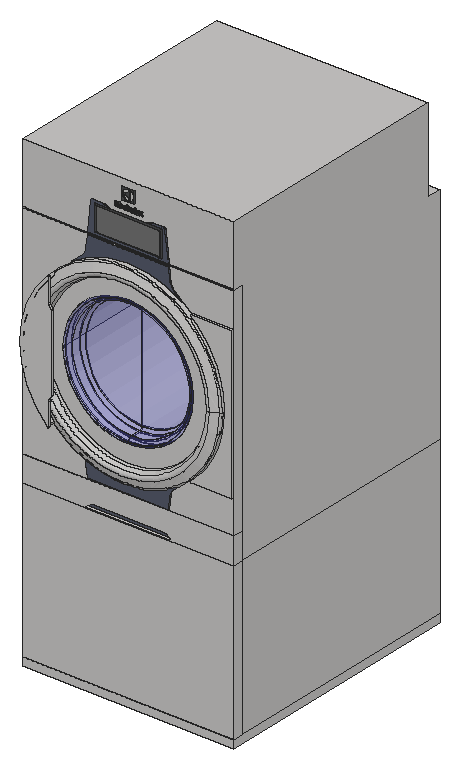
Revit family "TD6-14 Electric", category Attrezzature speciali, Revit 2014
Parameters
  Show Logo [instance] = yes
  Show Clearance [instance] = yes
  Manufacturer = ""
  Model = ""
  Description = ""
Reference planes
  plane 1: z = 0
  plane 2 "BACK": y = 414.5
  plane 3 "FRONT": y = -549.5
  plane 4 "LEFT": x = -799
  plane 5 "RIGHT": x = -6
  plane 6 "TOP": z = 1771
  plane 7: y = -601.5
  plane 8: y = -1323.5
Forms (mm)
  Extrusion 1, solid, material "QF_Finishes_Stainless Steel"
    sketch origin (718.1, -398.1, 598.796) x (0, 0, -1) y (0, 1, 0)
      loop
        line (-14.704, 812.6) -> (-855.66, 812.6) -> (-855.66, 756.6) -> (-941.204, 756.6) -> (-941.204, -115.453) -> (-14.704, -115.453) -> (-14.704, 812.6)
    from -1517.1 to -724.1
  Extrusion 2, solid, material "QF_Finishes_Stainless Steel"
    sketch origin (718.1, -368.1, 598.796) x (0, 0, -1) y (0, 1, 0)
      loop
        line (568.796, -145.453) -> (568.796, 782.6) -> (-14.704, 782.6) -> (-14.704, -145.453) -> (568.796, -145.453)
    from -1517.1 to -724.1
  Sweep 3, solid, material "QF_Finishes_Black"
    path origin (686.327, -549.5, 1684.42) x (0, 0, -1) y (1, 0, 0)
      loop
        line (131.445, -962.809) -> (32.707, -962.809) -> (32.707, -1214.809) -> (131.445, -1214.809) -> (131.445, -962.809)
    profile origin (-276.482, -549.5, 1602.344) x (-1, 0, 0) y (0, -1, 0)
      loop
        line (5, 0) -> (5, 5)
        arc (5, 5) -> (1.464, 3.536) -> (0, 0) r 5
        line (0, 0) -> (5, 0)
  Extrusion 4, solid, material "QF_Finishes_Dark Grey"
    sketch origin (686.327, -549.5, 1684.42) x (0, 0, -1) y (1, 0, 0)
      loop
        line (126.445, -1209.809) -> (126.445, -967.809) -> (37.707, -967.809) -> (37.707, -1209.809) -> (126.445, -1209.809)
    from 0 to 4
  Extrusion 5, void
    sketch origin (889, -517.06, 1195.994) x (0, 0, -1) y (1, 0, 0)
      loop
        circle (69.994, -1291.5) r 245
    from -451.9 to 33.109
  Extrusion 6, solid, material "QF_Finishes_Stainless Steel"
    sketch origin (718.1, 358.5, 1540) x (0, 0, -1) y (-1, 0, 0)
      loop
        circle (43, 834.1) r 12.7
    from 0 to 5
  Extrusion 7, solid, material "QF_Finishes_Stainless Steel"
    sketch origin (653.455, 414.5, 172.018) x (0, 0, 1) y (1, 0, 0)
      loop
        circle (67.982, -1277.455) r 100
    from 0 to 5
  Extrusion 8, solid, material "QF_Finishes_Stainless Steel"
    sketch origin (-499, 0, 0) x (0, 1, 0) y (0, 0, 1)
      loop
        line (358.5, 1540) -> (358.5, 1771) -> (-549.5, 1771) -> (-549.5, 1541.816)
        arc (-549.5, 1541.816) -> (-548.968, 1540.532) -> (-547.684, 1540) r 1.816
        line (-547.684, 1540) -> (358.5, 1540)
    from -300 to 493
  Extrusion 9, solid, material "QF_Finishes_Stainless Steel"
    sketch origin (0, 0, 1114.3) x (-1, 0, 0) y (0, -1, 0)
      loop
        line (799, -414.5) -> (799, 549.5) -> (6, 549.5) -> (6, -414.5) -> (799, -414.5)
    from -1114.3 to -1084.3
  Extrusion 10, solid, material "QF_Finishes_Stainless Steel"
    sketch origin (-499, -118.96, 0) x (0, 1, 0) y (0, 0, 1)
      loop
        line (-394.593, 1540) -> (-430.54, 1540) -> (-430.54, 713.5) -> (-394.593, 713.5) -> (-394.593, 1540)
    from -300 to 493
  Extrusion 11, solid, material "QF_Finishes_Stainless Steel"
    sketch origin (-499, -118.96, 0) x (0, 1, 0) y (0, 0, 1)
      loop
        line (-430.54, 713.5) -> (-430.54, 613.5) -> (-394.593, 613.5) -> (-394.593, 713.5) -> (-430.54, 713.5)
    from -300 to 493
  Extrusion 12, solid, material "QF_Finishes_Stainless Steel"
    sketch origin (-499, -118.96, 0) x (0, 1, 0) y (0, 0, 1)
      loop
        line (-394.593, 613.5) -> (-430.54, 613.5) -> (-430.54, 30) -> (-394.593, 30) -> (-394.593, 613.5)
    from -300 to 493
  Sweep 13, solid, material "QF_Finishes_Stainless Steel"
    path origin (-409, -549.5, 1444.576) x (0, 0, -1) y (1, 0, 0)
      loop
        circle (318.576, 6.5) r 366.295
    profile origin (-402.5, -549.5, 1492.295) x (0, 0, -1) y (0, -1, 0)
      loop
        line (0, 0) -> (60.401, 0)
        arc (60.401, 0) -> (59.825, 6.814) -> (57.535, 13.257) r 26.651
        line (57.535, 13.257) -> (49.537, 28.994)
        arc (49.537, 28.994) -> (42.511, 35.32) -> (33.058, 35.302) r 13.156
        line (33.058, 35.302) -> (4.309, 24.168)
        arc (4.309, 24.168) -> (1.18, 21.691) -> (0, 17.88) r 6.744
        line (0, 17.88) -> (0, 0)
  Extrusion 14, solid, material "QF_Finishes_Stainless Steel"
    sketch origin (889, -689.525, 1195.994) x (0, 0, -1) y (1, 0, 0)
      loop
        line (353.669, -897.598) -> (-212.997, -897.549) -> (-213.01, -1046.361)
        arc (-213.01, -1046.361) -> (-212.131, -1048.481) -> (-210.011, -1049.36) r 2.999
        line (-210.011, -1049.36) -> (-204.852, -1049.36)
        arc (-204.852, -1049.36) -> (-80.8, -957.683) -> (69.994, -925.205) r 366.295
        arc (69.994, -925.205) -> (220.927, -957.746) -> (345.042, -1049.589) r 366.295
        line (345.042, -1049.589) -> (350.683, -1049.589)
        arc (350.683, -1049.589) -> (352.804, -1048.711) -> (353.682, -1046.59) r 2.999
        line (353.682, -1046.59) -> (353.669, -897.598)
    from -140.025 to -130.025
  Revolve 15, solid, material "QF_Door-Drawer Clearances", visible <- "Show Clearance", detail levels coarse
    sketch origin (889, -601.5, 1195.994) x (0, 0, -1) y (1, 0, 0)
      loop
        circle (69.994, -1291.5) r 366.295
      axis (69.994, -924.023) -> (68.994, -924.023)
    angle from 0 to -90
  Revolve 16, solid, material "QF_Finishes_Glass"
    sketch origin (-402.863, -289.313, 555.02) x (0, 1, 0) y (0, 0, 1)
      loop
        arc (-190.673, 783.338) -> (-195.066, 793.945) -> (-205.673, 798.338) r 15
        line (-205.673, 798.338) -> (-244.95, 798.338)
        arc (-244.95, 798.338) -> (-252.021, 801.267) -> (-254.95, 808.338) r 10
        line (-254.95, 808.338) -> (-254.95, 816.338) -> (-259.95, 816.338) -> (-259.95, 808.338)
        arc (-259.95, 808.338) -> (-255.556, 797.732) -> (-244.95, 793.338) r 15
        line (-244.95, 793.338) -> (-205.673, 793.338)
        arc (-205.673, 793.338) -> (-198.602, 790.409) -> (-195.673, 783.338) r 10
        line (-195.673, 783.338) -> (-195.673, 570.975) -> (-190.673, 570.975) -> (-190.673, 783.338)
      axis (-259.95, 570.975) -> (-190.673, 570.975)
    angle from 0 to 360
  Extrusion 17, solid, material "QF_Finishes_Stainless Steel"
    sketch origin (-529, -549.5, 1444.576) x (0, 0, -1) y (1, 0, 0)
      loop
        arc (176.622, -119.08) -> (174.216, -119.45) -> (172.033, -120.527) r 8
        line (172.033, -120.527) -> (158.099, -130.284)
        arc (158.099, -130.284) -> (155.934, -131.338) -> (153.554, -131.7) r 8
        line (153.554, -131.7) -> (65.736, -131.7)
        arc (65.736, -131.7) -> (63.285, -133.352) -> (63.896, -136.244) r 2.645
        arc (63.896, -136.244) -> (318.617, -239.419) -> (573.315, -136.187) r 365.919
        arc (573.315, -136.187) -> (573.918, -133.331) -> (571.497, -131.7) r 2.612
        line (571.497, -131.7) -> (483.599, -131.7)
        arc (483.599, -131.7) -> (481.193, -131.33) -> (479.01, -130.253) r 8
        line (479.01, -130.253) -> (465.119, -120.527)
        arc (465.119, -120.527) -> (462.936, -119.45) -> (460.53, -119.08) r 8
        line (460.53, -119.08) -> (176.622, -119.08)
    from 47.713 to 52
  Extrusion 18, solid, material "QF_Finishes_Stainless Steel"
    sketch origin (-529, -601.5, 1444.576) x (0, 0, -1) y (1, 0, 0)
      loop
        arc (63.896, -136.244) -> (318.617, -239.419) -> (573.315, -136.187) r 365.919
        line (573.315, -136.187) -> (563.547, -131.7)
        arc (563.547, -131.7) -> (318.584, -229.419) -> (73.616, -131.711) r 355.919
        line (73.616, -131.711) -> (63.896, -136.244)
    from -4.287 to -34.753
  Extrusion 19, void
    sketch origin (-401.334, -549.5, 611.842) x (0, 0, 1) y (1, 0, 0)
      loop
        arc (1.908, -169.725) -> (2.027, -168.962) -> (2.374, -168.272) r 2.499
        line (2.374, -168.272) -> (21.699, -140.672)
        arc (21.699, -140.672) -> (23.335, -137.382) -> (23.898, -133.751) r 11.994
        line (23.898, -133.751) -> (23.897, 130.467)
        arc (23.897, 130.467) -> (23.336, 134.095) -> (21.703, 137.383) r 11.994
        line (21.703, 137.383) -> (2.374, 164.988)
        arc (2.374, 164.988) -> (2.027, 165.678) -> (1.908, 166.441) r 2.499
        line (1.908, 166.441) -> (1.908, -169.725)
    from 0 to 13.427
  Extrusion 20, solid, material "QF_Finishes_Blue"
    sketch origin (-499, -549.5, 893.425) x (0, 0, 1) y (-1, 0, 0)
      loop
        arc (767.274, 37.584) -> (765.819, 41.099) -> (762.304, 42.555) r 4.971
        line (762.304, 42.555) -> (650.575, 54.795) -> (650.575, -247.832) -> (761.659, -235.663)
        arc (761.659, -235.663) -> (765.63, -234.018) -> (767.274, -230.047) r 5.615
        line (767.274, -230.047) -> (767.274, -186.505)
        arc (767.274, -186.505) -> (766.484, -180.953) -> (764.209, -175.828) r 20.351
        line (764.209, -175.828) -> (758.288, -166.304) -> (758.288, -222.518) -> (659.55, -222.518) -> (659.55, 29.482) -> (758.288, 29.482) -> (758.288, -26.732) -> (764.209, -17.208)
        arc (764.209, -17.208) -> (766.483, -12.086) -> (767.274, -6.538) r 20.35
        line (767.274, -6.538) -> (767.274, 37.584)
    from 0 to 1.6
  Extrusion 21, solid, material "QF_Finishes_Blue"
    sketch origin (-499, -549.5, 893.425) x (0, 0, 1) y (-1, 0, 0)
      loop
        arc (594.486, 60.933) -> (579.244, 65.533) -> (566.695, 75.331) r 43.3
        line (566.695, 75.331) -> (532.276, 114.098)
        arc (532.276, 114.098) -> (598.87, -96.026) -> (532.82, -306.322) r 366.295
        line (532.82, -306.322) -> (566.695, -268.167)
        arc (566.695, -268.167) -> (579.244, -258.37) -> (594.486, -253.77) r 43.3
        line (594.486, -253.77) -> (642.075, -248.6) -> (642.075, 55.764) -> (594.486, 60.933)
    from 0 to 1.6
  Extrusion 22, solid, material "QF_Finishes_Blue"
    sketch origin (-499, -549.5, 893.425) x (0, 0, 1) y (-1, 0, 0)
      loop
        line (-129.403, 60.926) -> (-176.925, 55.764) -> (-176.925, -248.6) -> (-129.403, -253.763)
        arc (-129.403, -253.763) -> (-114.123, -258.355) -> (-101.544, -268.169) r 43.3
        line (-101.544, -268.169) -> (-67.671, -306.321)
        arc (-67.671, -306.321) -> (-133.72, -96.026) -> (-67.127, 114.098) r 366.295
        line (-67.127, 114.098) -> (-101.544, 75.332)
        arc (-101.544, 75.332) -> (-114.123, 65.518) -> (-129.403, 60.926) r 43.3
    from 0 to 1.6
Cuts and joins
  Extrusion 5 cuts Extrusion 1
  Extrusion 5 cuts Extrusion 8
  joined: Extrusion 1, Extrusion 8
  Extrusion 5 cuts Extrusion 10
  Extrusion 19 cuts Extrusion 11
  joined: Sweep 13, Extrusion 14, Extrusion 17, Extrusion 18
Lines and regions (mm)
  Split face 1
    outline origin (-6, -549.5, 1540) x (-1, 0, 0) y (0, 0, -1)
      loop
        circle (396.5, 414) r 305.895
  symbolic lines
    curve 1: line (-6, 414.5, 1771) -> (-799, 414.5, 1771)
    curve 2: line (-799, -549.5, 1771) -> (-6, -549.5, 1771)
    curve 3: line (-6, 414.5, 0) -> (-6, -549.5, 0)
    curve 4: line (-799, 414.5, 0) -> (-799, -549.5, 0)
    curve 6: line (-6, 358.5, 0) -> (-799, 358.5, 0)
  symbolic lines, style "QF_Door-Drawer Clearances", visible <- "Show Clearance"
    curve 5: line (-6, -1323.5, 0) -> (-6, -549.5, 0)
    curve 7: arc (-768.795, -549.5, 0) -> (-549.88, -1096.63, 0) -> (-6, -1323.5, 0) r 761.144
  symbolic lines, style "SpecialityEquipment"
    curve 8: line (-8.549, -559.5, 0) -> (-8.549, -549.5, 0)
    curve 9: line (-160.36, -559.5, 0) -> (-8.549, -559.5, 0)
    curve 10: line (-160.36, -549.5, 0) -> (-160.36, -559.5, 0)
    curve 11: line (-768.419, -601.5, 0) -> (-659.284, -601.5, 0)
    curve 12: line (-659.284, -597.213, 0) -> (-758.419, -597.213, 0)
    curve 13: line (-758.419, -569.602, 0) -> (-758.419, -597.213, 0)
    curve 14: line (-659.284, -597.213, 0) -> (-659.284, -601.5, 0)
    curve 15: line (-768.419, -569.602, 0) -> (-758.419, -569.602, 0)
    curve 16: line (-74.013, -585.689, 0) -> (-758.419, -585.689, 0)
    curve 17: line (-768.419, -569.602, 0) -> (-768.419, -601.5, 0)
    curve 18: line (-40.513, -573.668, 0) -> (-758.419, -573.668, 0)
    curve 19: line (-768.795, -549.5, 0) -> (-768.795, -567.38, 0)
    curve 20: arc (-768.795, -567.38, 0) -> (-768.701, -568.507, 0) -> (-768.419, -569.602, 0) r 6.744
    curve 21: line (-36.205, -559.5, 0) -> (-36.205, -567.38, 0)
    curve 22: line (-40.513, -573.668, 0) -> (-69.262, -584.802, 0)
    curve 23: arc (-36.205, -567.38, 0) -> (-37.385, -571.191, 0) -> (-40.513, -573.668, 0) r 6.744
    curve 24: arc (-74.013, -585.689, 0) -> (-71.597, -585.465, 0) -> (-69.262, -584.802, 0) r 13.156
Dimensions and locks
  plane 4 "LEFT" to plane 5 "RIGHT" = 793 mm
  plane 2 "BACK" to plane 3 "FRONT" = 964 mm
  plane 6 "TOP" to level = 1771 mm
  Extrusion 2 to Extrusion 2 = 583.5 mm
  Extrusion 6 sketch curve to plane 6 "TOP" = 274 mm
  plane 5 "RIGHT" to Extrusion 6 sketch curve = 110 mm
  level to Extrusion 7 sketch curve = 240 mm
  Extrusion 7 sketch curve to plane 4 "LEFT" = 175 mm
  plane 2 "BACK" to plane 7 = 1016 mm
  plane 2 "BACK" to plane 8 = 1738 mm
  aligned and locked: level to plane 1
  aligned and locked: Extrusion 1 to plane 4 "LEFT"
  aligned and locked: plane 5 "RIGHT" to Extrusion 1
  aligned and locked: Extrusion 2 to plane 4 "LEFT"
  aligned and locked: plane 5 "RIGHT" to Extrusion 2
  aligned and locked: plane 5 "RIGHT" to Extrusion 8
  aligned and locked: Extrusion 8 to plane 4 "LEFT"
  aligned and locked: plane 5 "RIGHT" to Extrusion 12
  aligned and locked: Extrusion 12 to plane 4 "LEFT"
  aligned and locked: Extrusion 11 to plane 4 "LEFT"
  aligned and locked: plane 5 "RIGHT" to Extrusion 11
  aligned and locked: Extrusion 10 to plane 4 "LEFT"
  aligned and locked: plane 5 "RIGHT" to Extrusion 10
  aligned and locked: Extrusion 18 to Extrusion 17
  aligned and locked: plane 2 "BACK" to Extrusion 2
Nested families
  nested 1: "ELX_Logo_S_New" at (-415.511, -549.5, 1674.59) x (1, 0, 0) z (0, -1, 0), visible <- "Show Logo", type "ELX_Logo_S_New"
    with Material QF_Finishes_Black
  nested 2: "ELX_Logo_Symbol_S" at (-394.886, -549.5, 1729.274) x (-1, 0, 0) z (0, -1, 0), visible <- "Show Logo", type "ELX_Logo_Symbol_S"
    with Material QF_Finishes_Black
Connectors
  piping at (-624, 419.5, 240), diameter 200
    settings: on Extrusion 7, index 3, connector inside diameter 609.6 mm, connector length 0 mm, flow factor 0, pipe flow 0.0 L/s, pressure drop 0.0 Pa, fitting loss kfactor 0, connector angle 0.00°, fixture units 0, engagement length 0 mm, angle of deflection 0.00°, flow configuration 1, flow direction 2, fitting loss method 0, system type 7, joint type 0, gender type 0, connector reference index -1, connector utility 0, adjustable connector no, is connector primary yes, connector description "Exhaust Connection"
  electrical at (-116, 363.5, 1497)
    settings: on Extrusion 6, index 4, voltage 0 V, apparent load 0 VA, apparent load phase1 0 VA, apparent load phase2 0 VA, apparent load phase3 0 VA, power factor 1, load classification "Other", number of poles 1, system type 30, power factor state 1, is connector primary yes, connector utility no, sub classification motor no, connector description "Electrical Connection"
Definition of nested family "ELX_Logo_S_New"
  Parameters (values of type "ELX_Logo_S_New")
    Material [instance] = QF_Finishes_Gray
    Default Elevation = 0 mm
  Reference planes
    plane 1 "Centro (Fronte/Retro)": y = 0
    plane 2: z = 0
    plane 3 "Centro (Sinistra/Destra)": x = 0
  Forms (mm)
    Extrusion 1, solid
      sketch origin (0, 0, 0) x (1, 0, 0) y (0, 1, 0)
        loop
          line (-1219.2, 1219.2) -> (-1219.2, -1219.2) -> (1219.2, -1219.2) -> (1219.2, 1219.2) -> (-1219.2, 1219.2)
      from 0 to -304.8
    Extrusion 2, solid, material "QF_Finishes_Gray" <- "Material"
      sketch origin (0, 0, 0) x (1, 0, 0) y (0, 1, 0)
        loop
          spline (-31.006, -2.781) -> (-31.24, -2.771) -> (-31.49, -2.739) -> (-31.748, -2.68) -> (-32.009, -2.591) -> (-32.264, -2.469) -> (-32.508, -2.308) -> (-32.732, -2.105) -> (-32.932, -1.857) -> (-33.099, -1.559) -> (-33.226, -1.207) -> (-33.308, -0.798) -> (-33.337, -0.327)
          line (-33.337, -0.327) -> (-33.337, 1.761) -> (-26.444, 1.761) -> (-26.444, 4.423) -> (-33.338, 4.423) -> (-33.338, 8.299) -> (-26.005, 8.299) -> (-26.005, 10.954) -> (-36.159, 10.954) -> (-36.159, -0.206)
          spline (-36.159, -0.206) -> (-36.134, -0.893) -> (-36.057, -1.54) -> (-35.927, -2.145) -> (-35.743, -2.707) -> (-35.503, -3.222) -> (-35.206, -3.689) -> (-34.85, -4.106) -> (-34.433, -4.47) -> (-33.955, -4.779) -> (-33.414, -5.031) -> (-32.809, -5.223) -> (-32.137, -5.354)
          line (-32.137, -5.354) -> (-31.029, -5.433) -> (-25.809, -5.433) -> (-25.809, -2.781) -> (-31.006, -2.781)
        loop
          line (-23.804, 3.211) -> (-23.804, -5.437) -> (-20.982, -5.437) -> (-20.982, 10.958) -> (-23.804, 10.958) -> (-23.804, 3.211)
        loop
          spline (-7.052, -0.2) -> (-7.034, 0.688) -> (-7.119, 1.546) -> (-7.304, 2.368) -> (-7.586, 3.144) -> (-7.962, 3.868) -> (-8.426, 4.531) -> (-8.977, 5.126) -> (-9.61, 5.644) -> (-10.321, 6.077) -> (-11.107, 6.419) -> (-11.964, 6.66) -> (-12.889, 6.793)
          spline (-12.889, 6.793) -> (-13.767, 6.742) -> (-14.602, 6.592) -> (-15.387, 6.346) -> (-16.116, 6.008) -> (-16.782, 5.583) -> (-17.379, 5.073) -> (-17.902, 4.483) -> (-18.343, 3.816) -> (-18.697, 3.077) -> (-18.958, 2.269) -> (-19.119, 1.395) -> (-19.174, 0.46)
          spline (-19.174, 0.46) -> (-19.121, -0.452) -> (-18.964, -1.304) -> (-18.71, -2.094) -> (-18.362, -2.816) -> (-17.926, -3.468) -> (-17.406, -4.045) -> (-16.808, -4.544) -> (-16.137, -4.96) -> (-15.397, -5.291) -> (-14.594, -5.532) -> (-13.733, -5.679) -> (-12.817, -5.729)
          spline (-12.817, -5.729) -> (-12.371, -5.719) -> (-11.93, -5.685) -> (-11.493, -5.626) -> (-11.062, -5.54) -> (-10.636, -5.425) -> (-10.216, -5.277) -> (-9.8, -5.096) -> (-9.391, -4.879) -> (-8.987, -4.623) -> (-8.588, -4.326) -> (-8.196, -3.987) -> (-7.809, -3.603)
          line (-7.809, -3.603) -> (-9.51, -1.949)
          spline (-9.51, -1.949) -> (-9.734, -2.164) -> (-9.959, -2.362) -> (-10.188, -2.542) -> (-10.422, -2.703) -> (-10.662, -2.846) -> (-10.913, -2.971) -> (-11.174, -3.077) -> (-11.449, -3.163) -> (-11.739, -3.231) -> (-12.047, -3.28) -> (-12.374, -3.309) -> (-12.723, -3.319)
          spline (-12.723, -3.319) -> (-13.234, -3.294) -> (-13.713, -3.219) -> (-14.158, -3.098) -> (-14.568, -2.931) -> (-14.94, -2.72) -> (-15.272, -2.469) -> (-15.562, -2.177) -> (-15.809, -1.849) -> (-16.009, -1.485) -> (-16.162, -1.088) -> (-16.264, -0.659) -> (-16.314, -0.2)
          line (-16.314, -0.2) -> (-7.052, -0.2)
        loop
          spline (-9.888, 1.784) -> (-9.915, 2.133) -> (-9.995, 2.469) -> (-10.124, 2.788) -> (-10.298, 3.088) -> (-10.514, 3.365) -> (-10.768, 3.615) -> (-11.056, 3.836) -> (-11.376, 4.024) -> (-11.722, 4.176) -> (-12.092, 4.289) -> (-12.482, 4.359) -> (-12.889, 4.383)
          spline (-12.889, 4.383) -> (-13.325, 4.36) -> (-13.744, 4.291) -> (-14.144, 4.18) -> (-14.52, 4.03) -> (-14.868, 3.844) -> (-15.186, 3.624) -> (-15.469, 3.375) -> (-15.715, 3.099) -> (-15.919, 2.798) -> (-16.077, 2.477) -> (-16.186, 2.138) -> (-16.243, 1.784)
          line (-16.243, 1.784) -> (-9.888, 1.784)
        loop
          spline (-2.737, 0.532) -> (-2.704, 1.057) -> (-2.61, 1.555) -> (-2.457, 2.022) -> (-2.249, 2.455) -> (-1.991, 2.851) -> (-1.685, 3.205) -> (-1.336, 3.514) -> (-0.948, 3.775) -> (-0.524, 3.984) -> (-0.067, 4.138) -> (0.417, 4.233) -> (0.926, 4.265)
          spline (0.926, 4.265) -> (1.238, 4.255) -> (1.537, 4.226) -> (1.824, 4.178) -> (2.098, 4.112) -> (2.362, 4.027) -> (2.615, 3.925) -> (2.858, 3.806) -> (3.093, 3.67) -> (3.318, 3.518) -> (3.536, 3.349) -> (3.746, 3.165) -> (3.95, 2.966)
          line (3.95, 2.966) -> (5.699, 4.785)
          spline (5.699, 4.785) -> (5.351, 5.133) -> (4.992, 5.446) -> (4.624, 5.724) -> (4.246, 5.969) -> (3.859, 6.181) -> (3.463, 6.362) -> (3.059, 6.512) -> (2.646, 6.633) -> (2.226, 6.725) -> (1.8, 6.79) -> (1.366, 6.828) -> (0.926, 6.841)
          spline (0.926, 6.841) -> (0.044, 6.786) -> (-0.801, 6.626) -> (-1.601, 6.367) -> (-2.349, 6.014) -> (-3.037, 5.573) -> (-3.658, 5.051) -> (-4.204, 4.453) -> (-4.668, 3.785) -> (-5.041, 3.053) -> (-5.318, 2.263) -> (-5.489, 1.421) -> (-5.548, 0.532)
          spline (-5.548, 0.532) -> (-5.489, -0.357) -> (-5.318, -1.199) -> (-5.041, -1.989) -> (-4.668, -2.721) -> (-4.204, -3.389) -> (-3.658, -3.987) -> (-3.037, -4.509) -> (-2.349, -4.95) -> (-1.601, -5.303) -> (-0.801, -5.562) -> (0.044, -5.722) -> (0.926, -5.777)
          spline (0.926, -5.777) -> (1.366, -5.764) -> (1.8, -5.726) -> (2.226, -5.662) -> (2.646, -5.569) -> (3.059, -5.449) -> (3.463, -5.298) -> (3.859, -5.117) -> (4.246, -4.905) -> (4.624, -4.66) -> (4.992, -4.382) -> (5.351, -4.069) -> (5.699, -3.721)
          line (5.699, -3.721) -> (3.95, -1.902)
          spline (3.95, -1.902) -> (3.746, -2.101) -> (3.536, -2.285) -> (3.318, -2.453) -> (3.093, -2.606) -> (2.858, -2.742) -> (2.615, -2.861) -> (2.362, -2.964) -> (2.098, -3.048) -> (1.824, -3.114) -> (1.537, -3.162) -> (1.238, -3.191) -> (0.926, -3.201)
          spline (0.926, -3.201) -> (0.417, -3.169) -> (-0.067, -3.074) -> (-0.524, -2.92) -> (-0.948, -2.711) -> (-1.336, -2.45) -> (-1.685, -2.141) -> (-1.991, -1.787) -> (-2.249, -1.391) -> (-2.457, -0.958) -> (-2.61, -0.491) -> (-2.704, 0.007) -> (-2.737, 0.532)
        loop
          spline (12.895, -2.785) -> (12.646, -2.789) -> (12.379, -2.77) -> (12.102, -2.724) -> (11.82, -2.646) -> (11.542, -2.531) -> (11.274, -2.376) -> (11.024, -2.175) -> (10.797, -1.924) -> (10.602, -1.618) -> (10.445, -1.253) -> (10.334, -0.824) -> (10.275, -0.327)
          line (10.275, -0.327) -> (10.275, 3.855) -> (12.842, 3.855) -> (12.842, 6.419) -> (10.278, 6.419) -> (10.278, 10.958) -> (7.456, 10.958) -> (7.456, -0.488)
          spline (7.456, -0.488) -> (7.516, -1.152) -> (7.626, -1.776) -> (7.785, -2.359) -> (7.996, -2.899) -> (8.26, -3.392) -> (8.577, -3.837) -> (8.951, -4.232) -> (9.38, -4.575) -> (9.868, -4.864) -> (10.415, -5.096) -> (11.023, -5.27) -> (11.693, -5.383)
          line (11.693, -5.383) -> (12.885, -5.437) -> (12.895, -2.785)
        loop
          spline (22.391, 6.583) -> (21.903, 6.613) -> (21.433, 6.605) -> (20.982, 6.558) -> (20.553, 6.476) -> (20.145, 6.358) -> (19.76, 6.207) -> (19.401, 6.022) -> (19.067, 5.807) -> (18.76, 5.561) -> (18.482, 5.286) -> (18.234, 4.984) -> (18.016, 4.655)
          line (18.016, 4.655) -> (18.016, 6.418) -> (15.217, 6.418) -> (15.217, -5.437) -> (18.016, -5.437) -> (18.016, 0.797)
          spline (18.016, 0.797) -> (18.042, 1.269) -> (18.118, 1.71) -> (18.242, 2.117) -> (18.412, 2.488) -> (18.627, 2.822) -> (18.884, 3.117) -> (19.182, 3.371) -> (19.518, 3.583) -> (19.892, 3.751) -> (20.3, 3.873) -> (20.742, 3.947) -> (21.215, 3.972)
          line (21.215, 3.972) -> (22.391, 3.855) -> (22.391, 6.583)
        loop
          spline (35.761, 0.49) -> (35.702, 1.36) -> (35.53, 2.189) -> (35.253, 2.971) -> (34.878, 3.698) -> (34.414, 4.364) -> (33.867, 4.963) -> (33.246, 5.488) -> (32.558, 5.932) -> (31.811, 6.289) -> (31.013, 6.552) -> (30.171, 6.715) -> (29.293, 6.771)
          spline (29.293, 6.771) -> (28.409, 6.715) -> (27.564, 6.552) -> (26.763, 6.289) -> (26.016, 5.932) -> (25.328, 5.488) -> (24.708, 4.963) -> (24.163, 4.364) -> (23.701, 3.698) -> (23.328, 2.971) -> (23.053, 2.189) -> (22.882, 1.36) -> (22.823, 0.49)
          spline (22.823, 0.49) -> (22.882, -0.379) -> (23.053, -1.208) -> (23.328, -1.989) -> (23.701, -2.716) -> (24.163, -3.382) -> (24.708, -3.981) -> (25.328, -4.506) -> (26.016, -4.951) -> (26.763, -5.308) -> (27.564, -5.571) -> (28.409, -5.734) -> (29.293, -5.79)
          spline (29.293, -5.79) -> (30.171, -5.734) -> (31.013, -5.571) -> (31.811, -5.308) -> (32.558, -4.951) -> (33.246, -4.506) -> (33.867, -3.981) -> (34.414, -3.382) -> (34.878, -2.716) -> (35.253, -1.989) -> (35.53, -1.208) -> (35.702, -0.379) -> (35.761, 0.49)
        loop
          spline (32.961, 0.49) -> (32.929, 1.004) -> (32.833, 1.493) -> (32.679, 1.955) -> (32.47, 2.385) -> (32.21, 2.779) -> (31.903, 3.134) -> (31.553, 3.445) -> (31.164, 3.709) -> (30.739, 3.921) -> (30.283, 4.077) -> (29.8, 4.174) -> (29.293, 4.207)
          spline (29.293, 4.207) -> (28.781, 4.174) -> (28.294, 4.077) -> (27.836, 3.921) -> (27.411, 3.709) -> (27.022, 3.445) -> (26.673, 3.134) -> (26.368, 2.779) -> (26.11, 2.385) -> (25.903, 1.955) -> (25.75, 1.493) -> (25.656, 1.004) -> (25.624, 0.49)
          spline (25.624, 0.49) -> (25.656, -0.022) -> (25.75, -0.512) -> (25.903, -0.973) -> (26.11, -1.403) -> (26.368, -1.798) -> (26.673, -2.153) -> (27.022, -2.464) -> (27.411, -2.728) -> (27.836, -2.94) -> (28.294, -3.096) -> (28.781, -3.193) -> (29.293, -3.226)
          spline (29.293, -3.226) -> (29.8, -3.193) -> (30.283, -3.096) -> (30.739, -2.94) -> (31.164, -2.728) -> (31.553, -2.464) -> (31.903, -2.153) -> (32.21, -1.798) -> (32.47, -1.403) -> (32.679, -0.973) -> (32.833, -0.512) -> (32.929, -0.022) -> (32.961, 0.49)
        loop
          line (37.497, 3.493) -> (37.497, -5.437) -> (40.321, -5.437) -> (40.321, 10.958) -> (37.497, 10.958) -> (37.497, 3.493)
        loop
          line (50.501, 6.418) -> (50.501, -0.473)
          spline (50.501, -0.473) -> (50.478, -0.921) -> (50.412, -1.325) -> (50.305, -1.686) -> (50.159, -2.005) -> (49.978, -2.282) -> (49.763, -2.52) -> (49.517, -2.718) -> (49.243, -2.878) -> (48.943, -3.001) -> (48.619, -3.087) -> (48.275, -3.139) -> (47.913, -3.155)
          spline (47.913, -3.155) -> (47.55, -3.139) -> (47.206, -3.088) -> (46.883, -3.001) -> (46.583, -2.879) -> (46.309, -2.72) -> (46.063, -2.523) -> (45.849, -2.287) -> (45.667, -2.012) -> (45.522, -1.696) -> (45.414, -1.339) -> (45.348, -0.94) -> (45.326, -0.498)
          line (45.326, -0.498) -> (45.326, 6.418) -> (42.479, 6.418) -> (42.479, -0.733)
          spline (42.479, -0.733) -> (42.53, -1.543) -> (42.676, -2.28) -> (42.911, -2.945) -> (43.228, -3.537) -> (43.621, -4.058) -> (44.082, -4.508) -> (44.604, -4.888) -> (45.18, -5.197) -> (45.804, -5.437) -> (46.468, -5.607) -> (47.165, -5.709) -> (47.89, -5.743)
          spline (47.89, -5.743) -> (48.62, -5.709) -> (49.323, -5.605) -> (49.993, -5.432) -> (50.621, -5.189) -> (51.203, -4.875) -> (51.729, -4.491) -> (52.194, -4.034) -> (52.59, -3.506) -> (52.91, -2.905) -> (53.147, -2.231) -> (53.295, -1.484) -> (53.346, -0.662)
          line (53.346, -0.662) -> (53.346, 6.418) -> (50.501, 6.418)
        loop
          line (64.026, -1.646) -> (62.246, 0.843) -> (64.45, 3.846) -> (66.338, 6.418) -> (63.257, 6.418) -> (60.692, 2.866) -> (58.105, 6.418) -> (55.047, 6.418) -> (56.801, 4.02) -> (59.14, 0.82) -> (56.689, -2.595) -> (54.647, -5.437) -> (57.682, -5.437) -> (60.692, -1.25) -> (63.703, -5.437) -> (66.738, -5.437) -> (64.026, -1.646)
      from 0 to 1.644
  Dimensions and locks
    aligned and locked: plane 2 to Extrusion 1
    aligned and locked: level to Extrusion 1
Definition of nested family "ELX_Logo_Symbol_S"
  Parameters (values of type "ELX_Logo_Symbol_S")
    Material [instance] = QF_Finishes_Gray
    Default Elevation = 0 mm
  Reference planes
    plane 1 "Centro (Fronte/Retro)": y = 0
    plane 2: z = 0
    plane 3 "Centro (Sinistra/Destra)": x = 0
  Forms (mm)
    Extrusion 1, solid
      sketch origin (0, 0, 0) x (1, 0, 0) y (0, 1, 0)
        loop
          line (-1219.2, 1219.2) -> (-1219.2, -1219.2) -> (1219.2, -1219.2) -> (1219.2, 1219.2) -> (-1219.2, 1219.2)
      from 0 to -304.8
    Extrusion 2, solid, material "QF_Finishes_Gray" <- "Material"
      sketch origin (94.462, 558.781, 0) x (1, 0, 0) y (0, 1, 0)
        loop
          line (-92.971, -571.574) -> (-92.971, -531.14)
          arc (-92.971, -531.14) -> (-107.917, -551.357) -> (-92.971, -571.574) r 21.146
        loop
          arc (-90.914, -571.574) -> (-74.098, -567.752) -> (-65.997, -552.529) r 20.723
          line (-65.997, -552.529) -> (-72.686, -552.529)
          arc (-72.686, -552.529) -> (-84.636, -557.38) -> (-90.914, -568.646) r 19.424
          line (-90.914, -568.646) -> (-90.914, -571.574)
        loop
          arc (-90.914, -534.068) -> (-84.636, -545.334) -> (-72.686, -550.185) r 19.424
          line (-72.686, -550.185) -> (-65.997, -550.185)
          arc (-65.997, -550.185) -> (-74.085, -534.837) -> (-90.914, -530.621) r 21.265
          line (-90.914, -530.621) -> (-90.914, -534.068)
        loop
          line (-64.462, -573.781) -> (-64.462, -528.842) -> (-109.462, -528.842) -> (-109.462, -573.781) -> (-64.462, -573.781)
      from 0 to 1.644
  Dimensions and locks
    aligned and locked: plane 2 to Extrusion 1
    aligned and locked: level to Extrusion 1
